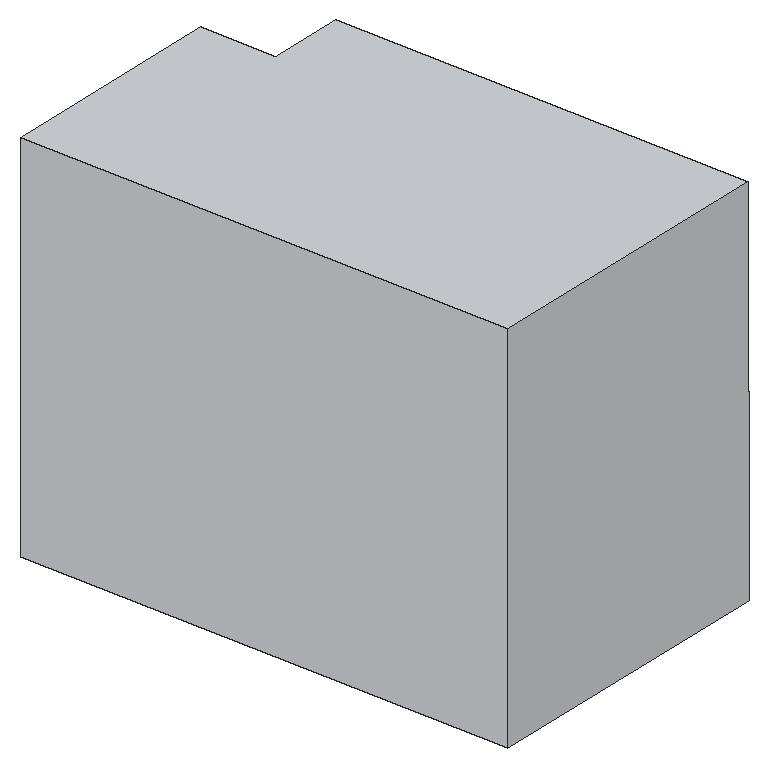
Revit family "M_Cotovelo retangular - 90 graus - Transição", category Conexões de duto, Revit 2019
Family settings
  Cota do conector redondo = Utilizar diâmetro
  Tipo de parte = Cotovelo
  Número OmniClass = 23.75.70.14
  Título OmniClass = Air Ductwork
  ID de item do Seek = Rectangular Elbow - Mitered - Transition-0000-CAN-ENU
  Com base no plano de trabalho = Não
  Sempre na vertical = Sim
  Corte com vazios quando carregada = Não
  Compartilhado = Não
Parameters (values of type "Padrão")
  Largura do duto 2 [instance] = 550 mm
  Largura do duto 1 [instance] = 300 mm
  Comprimento do rebaixo [instance] = 100 mm
  MeiaAltura [instance] = Altura do duto / 2  # 250 mm
  Altura do duto [instance] = 500 mm
Reference planes
  plane 1 "Centro (Frente/Trás)": y = 0
  plane 2: z = 0
  plane 3 "Centro (Esquerda/Direita)": x = 0
  plane 4: x = -275
  plane 5: x = 275
  plane 6: y = 150
  plane 7: y = -150
  plane 8: y = 250
  plane 9: x = -375
  plane 10 "Inferior": z = -250
  plane 11: y = 152.4
  plane 12: y = -152.4
  plane 13: x = 279.4
  plane 14: x = -279.4
Forms (mm)
  Extrusion 1, solid, detail levels medium+fine
    sketch origin (0, 0, -250) x (1, 0, 0) y (0, 1, 0)
      loop
        line (-375, 150) -> (-375, -150) -> (275, -150) -> (275, 250) -> (-275, 250) -> (-275, 150) -> (-375, 150)
    from 0 to 500 <- "Altura do duto"
Lines and regions (mm)
  reference lines
    curve 1: line (-375, 150, 0) -> (-275, 150, 0)
    curve 2: line (-275, 150, 0) -> (-275, 250, 0)
    curve 3: line (-275, 250, 0) -> (275, 250, 0)
    curve 4: line (275, 250, 0) -> (275, -150, 0)
    curve 5: line (275, -150, 0) -> (-375, -150, 0)
    curve 6: line (-375, -150, 0) -> (-375, 150, 0)
    curve 7: line (279.4, 250, -250) -> (-279.4, 250, -250)
    curve 8: line (-375, 152.4, -250) -> (-375, -152.4, -250)
    curve 9: line (-375, -152.4, -250) -> (279.4, -152.4, -250)
    curve 10: line (279.4, -152.4, -250) -> (279.4, 250, -250)
    curve 11: line (-279.4, 250, -250) -> (-279.4, 152.4, -250)
    curve 12: line (-279.4, 152.4, -250) -> (-375, 152.4, -250)
    curve 13: line (-375, 152.4, -250) -> (-375, -152.4, -250)
    curve 14: line (279.4, -152.4, -250) -> (-375, -152.4, -250)
    curve 15: line (279.4, -152.4, -250) -> (279.4, 250, -250)
    curve 16: line (279.4, 250, -250) -> (-279.4, 250, -250)
    curve 17: line (-279.4, 250, -250) -> (-279.4, 152.4, -250)
  model lines, detail levels coarse
    curve 18: line (-375, 0, 0) -> (0, 0, 0)
    curve 19: line (0, 250, 0) -> (0, 0, 0)
Dimensions and locks
  equal spacing: plane 4, plane 3 "Centro (Esquerda/Direita)", plane 5
  "Largura do duto 2": plane 4 to plane 5
  equal spacing: plane 7, plane 1 "Centro (Frente/Trás)", plane 6
  "Largura do duto 1": plane 7 to plane 6
  plane 10 "Inferior" to plane 2 = 250 mm
  "MeiaAltura": plane 2 to plane 10 "Inferior"
  "Comprimento do rebaixo": plane 9 to plane 4
  "Comprimento do rebaixo": plane 6 to plane 8
  aligned and locked: plane 4 to curve 1
  aligned and locked: plane 6 to curve 2
  aligned and locked: Extrusion 1 sketch curve to curve 1
  aligned and locked: Extrusion 1 sketch curve to curve 6
  aligned and locked: Extrusion 1 sketch curve to curve 5
  aligned and locked: Extrusion 1 sketch curve to curve 4
  aligned and locked: Extrusion 1 sketch curve to curve 3
  aligned and locked: Extrusion 1 sketch curve to curve 2
  aligned and locked: connector elem to curve 18
  aligned and locked: connector elem to curve 19
Automatic sketch dimensions
  curve 6 to plane 9 = 0 mm
  curve 5 to plane 7 = 0 mm
  curve 4 to plane 5 = 0 mm
  curve 2 to plane 8 = 0 mm
  curve 13 to plane 9 = 0 mm
  curve 11 to plane 14 = 0 mm
  curve 17 to plane 11 = 0 mm
  curve 16 to plane 8 = 0 mm
  curve 16 to plane 13 = 0 mm
  curve 14 to plane 12 = 0 mm
  curve 18 to plane 9 = 0 mm
  curve 19 to plane 8 = 0 mm
Connectors
  hvac at (-375, 0, 0), driven by "Altura do duto", driven by "Largura do duto 1"
    settings: on Extrusion 1, index 1, duct flow 0.0 L/s, flow factor 0, pres drop 0.0 Pa, loss coef 0, conn angle 90.00°, conn width 300 mm, conn height 500 mm, conn diameter 609.6 mm, duct sys type 28, conn prof type 1, flow config 0, flow direction 0, loss method 0, conn ref index 2, conn util no, is conn primary yes, conn desc ""
  hvac at (0, 250, 0), driven by "Altura do duto", driven by "Largura do duto 2"
    settings: on Extrusion 1, index 2, duct flow 0.0 L/s, flow factor 0, pres drop 0.0 Pa, loss coef 0, conn angle 90.00°, conn width 550 mm, conn height 500 mm, conn diameter 609.6 mm, duct sys type 28, conn prof type 1, flow config 0, flow direction 0, loss method 0, conn ref index 1, conn util no, is conn primary no, conn desc ""
